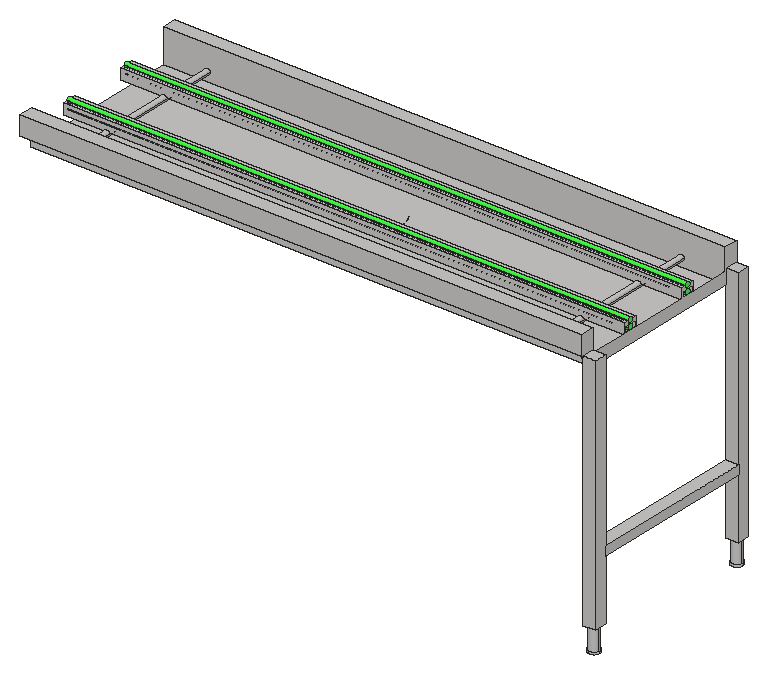
Revit family "QF_ELECTROLUXPROFESSIONAL_863156_HSBCC18", category Specialty Equipment, Revit 2018
Family settings
  Round Connector Dimension = Use Diameter
  Part Type = Normal
  Work Plane-Based = No
  Always vertical = Yes
  Cut with Voids When Loaded = No
  Shared = No
  Room Calculation Point = No
Parameters
  Weight = 0.00 kg
  Watts = 0 W
  Volts = 0 V
  URL Manufacturer = "http://professional.electrolux.com"
  URL = "http://professional.electrolux.com"
  Steam Supply Size = 0 mm
  Steam Supply Minimum Pressure = 0.0 Pa
  Steam Supply Maximum Pressure = 0.0 Pa
  Steam Pounds per Hour = 0
  Refrigeration Suction Line Size = 0 mm
  Refrigeration Liquid Line Size = 0 mm
  Refrigerant Compressor Remote = yes
  Manufacturer = "Electrolux"
  Phase = 0
  Model = "HSBCC18"
  Length Actual = 1800 mm  # constant formula
  Item Number = "863156"
  Hot Water Size = 0 mm
  Height Actual = 910 mm  # constant formula
  HP = "0 HP"
  Gas Size = 0 mm
  Gas KW = 0
  Gas Input Pressure = 0 W
  Description = "CORD CONVEYOR FOR BASKETS, L=1800 MM"
  Depth Actual = 620 mm  # constant formula
  Cycle = 0 Hz
  Condensate Return Size = 0 mm
  Compressed Air Volume = 0.0 L/s
  Compressed Air Size = 0 mm
  Compressed Air Pressure = 0.0 Pa
  Cold Water Size = 0 mm
  Accessory = yes
Reference planes
  plane 1 "Centro (Fronte/Retro)": y = 74.737
  plane 2: z = 0
  plane 3 "LEFT": x = -2238.761
  plane 4 "BACK": y = 384.737
  plane 5 "FRONT": y = -235.263
  plane 6: z = 910
  plane 7 "RIGHT": x = -438.761
  plane 8: x = -1338.761
Forms (mm)
  Extrusion 1, solid, material "QF_Finishes_Stainless Steel"
    sketch origin (11.239, 0, 0) x (0, 1, 0) y (0, 0, 1)
      loop
        line (-235.263, 910) -> (-235.263, 850.033) -> (-190.242, 850.033) -> (-190.242, 910) -> (-235.263, 910)
      loop
        line (384.737, 910) -> (339.716, 910) -> (339.716, 850.033) -> (384.737, 850.033) -> (384.737, 910)
    from -2250 to -451.2
  Extrusion 2, solid, material "QF_Finishes_Stainless Steel"
    sketch origin (11.239, 0, 0) x (0, 1, 0) y (0, 0, 1)
      loop
        line (-191.727, 850.033) -> (-191.727, 800.081) -> (341.245, 800.081) -> (341.245, 850.033) -> (339.716, 850.033) -> (339.716, 803.081) -> (-190.242, 803.081) -> (-190.242, 850.033) -> (-191.727, 850.033)
    from -2250 to -451.2
  Extrusion 3, solid, material "QF_Finishes_Stainless Steel"
    sketch origin (1061.239, 723.253, 4000) x (0, 1, 0) y (0, 0, 1)
      loop
        line (-958.516, -3090) -> (-958.516, -3149.967) -> (-934.752, -3185.632) -> (-915.4, -3185.632) -> (-915.4, -3199.919) -> (-381.633, -3199.919) -> (-381.633, -3185.632) -> (-362.281, -3185.632) -> (-338.516, -3149.967) -> (-338.516, -3090) -> (-383.538, -3090) -> (-383.538, -3161.926) -> (-913.495, -3161.926) -> (-913.495, -3090) -> (-958.516, -3090)
    from -1500 to -1501.2
  Extrusion 4, solid, material "QF_Finishes_Stainless Steel"
    sketch origin (-1477.522, 74.737, 0) x (-1, 0, 0) y (0, 0, -1)
      loop
        line (-1079.929, -300) -> (-1039.929, -300) -> (-1039.929, -270) -> (-1079.929, -270) -> (-1079.929, -300)
    from -266.504 to 266.46
  Revolve 5, solid, material "QF_Finishes_Stainless Steel"
    sketch origin (0, 74.737, 0) x (1, 0, 0) y (0, 0, 1)
      loop
        line (-1415.255, 800.081) -> (-1415.255, 786.333)
        arc (-1415.255, 786.333) -> (-1414.651, 784.73) -> (-1413.151, 783.903) r 2.474
        arc (-1413.151, 783.903) -> (-1409.843, 780.044) -> (-1413.138, 776.173) r 3.913
        arc (-1413.138, 776.173) -> (-1414.648, 775.341) -> (-1415.255, 773.728) r 2.49
        line (-1415.255, 773.728) -> (-1415.255, 733.404)
        arc (-1415.255, 733.404) -> (-1404.605, 702.706) -> (-1377.218, 685.219) r 49.516
        line (-1377.218, 685.219) -> (-1377.218, 682.73) -> (-1376.011, 681.079) -> (-1376.011, 679.492) -> (-1362.231, 673.492) -> (-1362.231, 638.761) -> (-1360.707, 637.3) -> (-1338.761, 637.3) -> (-1338.761, 800.081) -> (-1415.255, 800.081)
      axis (-1338.761, 800.081) -> (-1338.761, 637.3)
    angle from 0 to 360
  Extrusion 6, solid, material "QF_Finishes_Stainless Steel"
    sketch origin (0, 74.737, 0) x (1, 0, 0) y (0, 0, 1)
      loop
        circle (-2098.761, 831.05) r 8.5
    from -265 to 264.979
  Extrusion 7, solid, material "QF_Finishes_Stainless Steel"
    sketch origin (2140, 74.737, 0) x (1, 0, 0) y (0, 0, 1)
      loop
        circle (-2718.761, 831.05) r 8.5
    from -265 to 265
  Extrusion 8, solid, material "QF_Finishes_Stainless Steel"
    sketch origin (-438.761, 0, 0) x (0, 1, 0) y (0, 0, 1)
      loop
        line (-62.763, 869.045) -> (-62.763, 835.05) -> (-60.363, 835.05) -> (-60.363, 857.845) -> (-19.763, 857.845) -> (-19.763, 835.05) -> (-17.763, 835.05) -> (-17.763, 869.045) -> (-30.056, 869.045) -> (-35.275, 860.005) -> (-45.251, 860.005) -> (-50.47, 869.045) -> (-62.763, 869.045)
      loop
        line (212.237, 869.045) -> (199.944, 869.045) -> (194.725, 860.005) -> (184.749, 860.005) -> (179.53, 869.045) -> (167.237, 869.045) -> (167.237, 835.05) -> (169.237, 835.05) -> (169.237, 857.845) -> (209.837, 857.845) -> (209.837, 835.05) -> (212.237, 835.05) -> (212.237, 869.045)
    from 0 to -1800
  Extrusion 9, solid, material "QF_Finishes_Green"
    sketch origin (-438.761, 0, 0) x (0, 1, 0) y (0, 0, 1)
      loop
        circle (-40.263, 868.505) r 7.5
      loop
        circle (-40.263, 848.505) r 7.5
      loop
        circle (189.737, 868.505) r 7.5
      loop
        circle (189.737, 848.505) r 7.5
    from 0 to -1800
Cuts and joins
  joined: Extrusion 1, Extrusion 2, Extrusion 3, Extrusion 6, Extrusion 7, Extrusion 8
Lines and regions (mm)
  Split face 1
    outline origin (-873.782, -239.063, 803.081) x (0, 1, 0) y (-1, 0, 0)
      loop
        circle (313.8, 464.979) r 3
  Split face 2
    outline origin (-873.782, -239.063, 803.081) x (0, 1, 0) y (-1, 0, 0)
      loop
        circle (313.8, 464.979) r 9
  Split face 3
    outline origin (-873.782, -239.063, 803.081) x (0, 1, 0) y (-1, 0, 0)
      loop
        circle (313.8, 464.979) r 26
  Split face 4
    outline origin (-873.782, -239.063, 803.081) x (0, 1, 0) y (-1, 0, 0)
      loop
        circle (313.8, 464.979) r 36
  Split face 5
    outline origin (-873.782, -239.063, 803.081) x (0, 1, 0) y (-1, 0, 0)
      loop
        circle (313.8, 464.979) r 53
  symbolic lines
    curve 1: line (-438.761, 384.737, 0) -> (-2238.761, 384.737, 0)
    curve 2: line (-2238.761, 384.737, 0) -> (-2238.761, -235.263, 0)
    curve 3: line (-2238.761, 339.716, 0) -> (-438.761, 339.716, 0)
    curve 4: line (-2238.761, -235.263, 0) -> (-438.761, -235.263, 0)
    curve 5: line (-438.761, -235.263, 0) -> (-438.761, 384.737, 0)
    curve 6: line (-438.761, -190.242, 0) -> (-2238.761, -190.242, 0)
    curve 7: line (-2238.761, 74.737, 0) -> (-2208.761, 74.737, 0)
    curve 8: line (-438.761, 74.737, 0) -> (-468.761, 74.737, 0)
    curve 9: circle (-1338.761, 74.737, 0) r 23.47 normal (0, 0, 1)
    curve 10: line (-438.761, 212.237, 0) -> (-2238.761, 212.237, 0)
    curve 11: line (-2238.761, 167.237, 0) -> (-438.761, 167.237, 0)
    curve 12: line (-438.761, -17.763, 0) -> (-2238.761, -17.763, 0)
    curve 13: line (-2238.761, -62.763, 0) -> (-438.761, -62.763, 0)
    curve 14: line (-2238.761, -47.763, 0) -> (-438.761, -47.763, 0)
    curve 15: line (-2238.761, -32.763, 0) -> (-438.761, -32.763, 0)
    curve 16: line (-2238.761, 197.237, 0) -> (-438.761, 197.237, 0)
    curve 17: line (-2238.761, 182.237, 0) -> (-438.761, 182.237, 0)
    curve 18: line (-2107.261, 339.716, 0) -> (-2107.261, 212.237, 0)
    curve 19: line (-2090.261, 339.716, 0) -> (-2090.261, 212.237, 0)
    curve 20: line (-2090.261, 167.237, 0) -> (-2090.261, -17.763, 0)
    curve 21: line (-2107.261, 167.237, 0) -> (-2107.261, -17.763, 0)
    curve 22: line (-2107.261, -62.763, 0) -> (-2107.261, -190.242, 0)
    curve 23: line (-2090.261, -62.763, 0) -> (-2090.261, -190.242, 0)
    curve 24: line (-587.261, 339.716, 0) -> (-587.261, 212.237, 0)
    curve 25: line (-570.261, 339.716, 0) -> (-570.261, 212.237, 0)
    curve 26: line (-570.261, 167.237, 0) -> (-570.261, -17.763, 0)
    curve 27: line (-587.261, 167.237, 0) -> (-587.261, -17.763, 0)
    curve 28: line (-587.261, -62.763, 0) -> (-587.261, -190.242, 0)
    curve 29: line (-570.261, -62.763, 0) -> (-570.261, -190.242, 0)
Dimensions and locks
  plane 3 "LEFT" to plane 7 "RIGHT" = 1800 mm
  equal spacing: plane 4 "BACK", plane 1 "Centro (Fronte/Retro)", plane 5 "FRONT"
  plane 4 "BACK" to plane 5 "FRONT" = 620 mm
  equal spacing: plane 3 "LEFT", plane 8, plane 7 "RIGHT"
  locked: Extrusion 6 sketch curve to plane 3 "LEFT" at 140
  locked: plane 7 "RIGHT" to Extrusion 7 sketch curve at 140
  aligned and locked: level to plane 2
  aligned and locked: curve 9 to Revolve 5
  aligned and locked: plane 8 to Split face 5  (x2)
  aligned and locked: plane 8 to Split face 4  (x2)
  aligned and locked: plane 8 to cut or joined group of Extrusion 1, Extrusion 2, Extrusion 3, Extrusion 6, Extrusion 7, Extrusion 8  (x4)
  aligned and locked: plane 8 to Split face 3  (x2)
  aligned and locked: plane 8 to Split face 2  (x2)
  aligned and locked: plane 8 to Split face 1  (x2)
  aligned and locked: Extrusion 2 to plane 3 "LEFT"
  aligned and locked: Extrusion 1 to plane 3 "LEFT"
  aligned and locked: Extrusion 8 to plane 3 "LEFT"
  aligned and locked: cut or joined group of Extrusion 1, Extrusion 2, Extrusion 3, Extrusion 6, Extrusion 7, Extrusion 8 to plane 3 "LEFT"  (x2)
  aligned and locked: plane 3 "LEFT" to curve 6
  aligned and locked: plane 3 "LEFT" to curve 4
  aligned and locked: Extrusion 9 to plane 3 "LEFT"
Automatic sketch dimensions
  Extrusion 1 sketch curve to plane 5 "FRONT" = 0 mm
  Extrusion 1 sketch curve to plane 6 = 0 mm  (x2)
  Extrusion 1 sketch curve to plane 4 "BACK" = 0 mm
  plane 5 "FRONT" to Extrusion 1 sketch curve = 45.021 mm
  Extrusion 1 sketch curve to plane 4 "BACK" = 45.021 mm
  Extrusion 1 sketch curve to Extrusion 1 sketch curve = 59.967 mm  (x2)
  plane 5 "FRONT" to Extrusion 2 sketch curve = 43.536 mm
  Extrusion 2 sketch curve to Extrusion 2 sketch curve = 1.486 mm
  Extrusion 2 sketch curve to plane 4 "BACK" = 45.021 mm
  Extrusion 2 sketch curve to Extrusion 2 sketch curve = 1.529 mm
  Extrusion 2 sketch curve to plane 6 = 109.919 mm
  Extrusion 2 sketch curve to Extrusion 2 sketch curve = 3 mm
  Extrusion 2 sketch curve to Extrusion 2 sketch curve = 46.952 mm  (x2)
  Extrusion 3 sketch curve to plane 5 "FRONT" = 0 mm
  Extrusion 3 sketch curve to plane 6 = 0 mm  (x2)
  Extrusion 3 sketch curve to plane 4 "BACK" = 0 mm
  plane 5 "FRONT" to Extrusion 3 sketch curve = 23.764 mm
  Extrusion 3 sketch curve to Extrusion 3 sketch curve = 19.352 mm  (x2)
  plane 5 "FRONT" to Extrusion 3 sketch curve = 45.021 mm
  Extrusion 3 sketch curve to plane 4 "BACK" = 45.021 mm
  Extrusion 3 sketch curve to Extrusion 3 sketch curve = 1.905 mm
  Extrusion 3 sketch curve to Extrusion 3 sketch curve = 59.967 mm  (x2)
  Extrusion 3 sketch curve to Extrusion 3 sketch curve = 11.959 mm
  Extrusion 3 sketch curve to Extrusion 3 sketch curve = 23.706 mm  (x2)
  Extrusion 3 sketch curve to Extrusion 3 sketch curve = 14.287 mm
  Extrusion 4 sketch curve to plane 7 "RIGHT" = 41.168 mm
  Extrusion 4 sketch curve to plane 7 "RIGHT" = 1.168 mm
  Extrusion 4 sketch curve to level = 270 mm
  Extrusion 4 sketch curve to Extrusion 4 sketch curve = 30 mm
  Extrusion 6 sketch curve to plane 6 = 78.95 mm
  Extrusion 7 sketch curve to plane 6 = 78.95 mm
  plane 1 "Centro (Fronte/Retro)" to Extrusion 8 sketch curve = 137.5 mm
  Extrusion 8 sketch curve to Extrusion 8 sketch curve = 2.4 mm  (x2)
  Extrusion 8 sketch curve to plane 6 = 40.955 mm  (x3)
  Extrusion 8 sketch curve to Extrusion 8 sketch curve = 12.293 mm  (x2)
  Extrusion 8 sketch curve to Extrusion 8 sketch curve = 5.219 mm  (x4)
  Extrusion 8 sketch curve to Extrusion 8 sketch curve = 9.976 mm  (x2)
  Extrusion 8 sketch curve to Extrusion 8 sketch curve = 10.293 mm
  Extrusion 8 sketch curve to Extrusion 8 sketch curve = 2 mm  (x2)
  Extrusion 8 sketch curve to plane 1 "Centro (Fronte/Retro)" = 92.5 mm
  Extrusion 8 sketch curve to plane 6 = 49.995 mm
  Extrusion 8 sketch curve to Extrusion 8 sketch curve = 9.893 mm
  Extrusion 8 sketch curve to Extrusion 8 sketch curve = 11.2 mm
  Extrusion 8 sketch curve to Extrusion 8 sketch curve = 2.16 mm
  Extrusion 8 sketch curve to Extrusion 8 sketch curve = 22.795 mm  (x4)
  Extrusion 8 sketch curve to Extrusion 8 sketch curve = 9.04 mm  (x2)
  plane 1 "Centro (Fronte/Retro)" to Extrusion 9 sketch curve = 115 mm
  Extrusion 9 sketch curve to Extrusion 9 sketch curve = 0 mm  (x2)
  Extrusion 9 sketch curve to plane 1 "Centro (Fronte/Retro)" = 115 mm
  Extrusion 9 sketch curve to plane 6 = 61.495 mm  (x2)
  Extrusion 9 sketch curve to Extrusion 9 sketch curve = 20 mm  (x2)
  plane 1 "Centro (Fronte/Retro)" to curve 7 = 0 mm
  plane 1 "Centro (Fronte/Retro)" to curve 8 = 0 mm
  curve 15 to plane 7 "RIGHT" = 0 mm
  curve 4 to plane 5 "FRONT" = 0 mm
  curve 2 to plane 4 "BACK" = 0 mm
  plane 3 "LEFT" to curve 7 = 30 mm
  curve 18 to plane 4 "BACK" = 45.021 mm
  plane 3 "LEFT" to curve 18 = 131.5 mm
  plane 5 "FRONT" to curve 22 = 45.021 mm
  plane 3 "LEFT" to curve 22 = 131.5 mm
  curve 21 to curve 18 = 0 mm
  curve 18 to curve 19 = 17 mm
  curve 21 to curve 20 = 17 mm
  curve 22 to curve 23 = 17 mm
  curve 28 to plane 7 "RIGHT" = 148.5 mm
  curve 24 to plane 7 "RIGHT" = 148.5 mm
  curve 27 to curve 28 = 0 mm
  curve 27 to curve 26 = 17 mm
  curve 24 to curve 25 = 17 mm
  curve 28 to curve 29 = 17 mm
  curve 8 to plane 7 "RIGHT" = 30 mm
  curve 13 to curve 14 = 15 mm
  curve 14 to curve 15 = 15 mm
  curve 15 to curve 12 = 15 mm
  curve 11 to curve 17 = 15 mm
  curve 16 to curve 10 = 15 mm
  Revolve 5 sketch curve to plane 8 = 0 mm  (x2)
  Revolve 5 sketch curve to Revolve 5 sketch curve = 21.946 mm
  Revolve 5 sketch curve to Revolve 5 sketch curve = 1.524 mm
  Revolve 5 sketch curve to plane 8 = 26.978 mm
  Revolve 5 sketch curve to Revolve 5 sketch curve = 13.78 mm
  Revolve 5 sketch curve to Revolve 5 sketch curve = 1.206 mm
  Revolve 5 sketch curve to Revolve 5 sketch curve = 47.026 mm
  Revolve 5 sketch curve to Revolve 5 sketch curve = 0.016 mm  (x3)
  Revolve 5 sketch curve to Revolve 5 sketch curve = 0.976 mm
  Revolve 5 sketch curve to Revolve 5 sketch curve = 2.474 mm
  Revolve 5 sketch curve to Revolve 5 sketch curve = 2.49 mm
  Revolve 5 sketch curve to Revolve 5 sketch curve = 0 mm
  Revolve 5 sketch curve to plane 6 = 272.7 mm
  Revolve 5 sketch curve to Revolve 5 sketch curve = 1.461 mm
  Revolve 5 sketch curve to Revolve 5 sketch curve = 34.731 mm
  Revolve 5 sketch curve to Revolve 5 sketch curve = 6 mm
  Revolve 5 sketch curve to Revolve 5 sketch curve = 1.588 mm
  Revolve 5 sketch curve to Revolve 5 sketch curve = 1.651 mm
  Revolve 5 sketch curve to Revolve 5 sketch curve = 2.488 mm
  Revolve 5 sketch curve to Revolve 5 sketch curve = 48.167 mm
  Revolve 5 sketch curve to Revolve 5 sketch curve = 40.307 mm
  Revolve 5 sketch curve to Revolve 5 sketch curve = 6.326 mm
  Revolve 5 sketch curve to Revolve 5 sketch curve = 6.296 mm
  Revolve 5 sketch curve to Revolve 5 sketch curve = 13.748 mm
  Revolve 5 sketch curve to Revolve 5 sketch curve = 0.373 mm
  Revolve 5 sketch curve to Revolve 5 sketch curve = 38.557 mm
  plane 6 to Revolve 5 sketch curve = 8.743 mm
  cut or joined group of Extrusion 1, Extrusion 2, Extrusion 3, Extrusion 6, Extrusion 7, Extrusion 8 to Split face 1 sketch curve = 264.979 mm
  cut or joined group of Extrusion 1, Extrusion 2, Extrusion 3, Extrusion 6, Extrusion 7, Extrusion 8 to Split face 1 sketch curve = 898.8 mm
  cut or joined group of Extrusion 1, Extrusion 2, Extrusion 3, Extrusion 6, Extrusion 7, Extrusion 8 to Split face 2 sketch curve = 264.979 mm
  cut or joined group of Extrusion 1, Extrusion 2, Extrusion 3, Extrusion 6, Extrusion 7, Extrusion 8 to Split face 2 sketch curve = 898.8 mm
  cut or joined group of Extrusion 1, Extrusion 2, Extrusion 3, Extrusion 6, Extrusion 7, Extrusion 8 to Split face 3 sketch curve = 264.979 mm
  cut or joined group of Extrusion 1, Extrusion 2, Extrusion 3, Extrusion 6, Extrusion 7, Extrusion 8 to Split face 3 sketch curve = 898.8 mm
  cut or joined group of Extrusion 1, Extrusion 2, Extrusion 3, Extrusion 6, Extrusion 7, Extrusion 8 to Split face 4 sketch curve = 264.979 mm
  cut or joined group of Extrusion 1, Extrusion 2, Extrusion 3, Extrusion 6, Extrusion 7, Extrusion 8 to Split face 4 sketch curve = 898.8 mm
  cut or joined group of Extrusion 1, Extrusion 2, Extrusion 3, Extrusion 6, Extrusion 7, Extrusion 8 to Split face 5 sketch curve = 264.979 mm
  cut or joined group of Extrusion 1, Extrusion 2, Extrusion 3, Extrusion 6, Extrusion 7, Extrusion 8 to Split face 5 sketch curve = 898.8 mm
  curve 6 to curve 13 = 127.479 mm
  curve 20 to curve 19 = 45 mm
  curve 26 to plane 1 "Centro (Fronte/Retro)" = 92.5 mm
  radius of Extrusion 6 sketch curve = 8.5 mm
  radius of Extrusion 7 sketch curve = 8.5 mm
  radius of Extrusion 9 sketch curve = 7.5 mm  (x4)
  radius of Split face 1 sketch curve = 3 mm
  radius of Split face 2 sketch curve = 9 mm
  radius of Split face 3 sketch curve = 26 mm
  radius of Split face 4 sketch curve = 36 mm
  radius of Split face 5 sketch curve = 53 mm
Nested families
  nested 1: "Foot_40x40" at (-417.593, 361.245, 0) x (-1, 0, 0) z (0, 0, 1), type "Foot_40x40"
    with A 850.033 mm
  nested 2: "Foot_40x40" at (-417.593, -211.771, 0) x (-1, 0, 0) z (0, 0, 1), type "Foot_40x40"
    with A 850.033 mm
Connectors
  piping at (-1338.761, 74.737, 637.3), diameter 40
    settings: on Revolve 5, index 1, connector inside diameter 609.6 mm, connector length 0 mm, flow factor 0, pipe flow 0.0 L/s, pressure drop 0.0 Pa, fitting loss kfactor 0, connector angle 0.00°, fixture units 0, engagement length 0 mm, angle of deflection 0.00°, flow configuration 1, flow direction 2, fitting loss method 0, system type 16, joint type 0, gender type 0, connector reference index -1, connector utility 0, adjustable connector no, is connector primary yes, connector description "Drain"
Definition of nested family "Foot_40x40"
  Parameters
    A [instance] = 850 mm
  Reference planes
    plane 1 "Centro (Fronte/Retro)": y = 0
    plane 2: z = 0
    plane 3 "Centro (Sinistra/Destra)": x = 0
    plane 4: z = 850
  Forms (mm)
    Extrusion 1, solid
      sketch origin (0, 0, 0) x (1, 0, 0) y (0, 1, 0)
        loop
          circle (0, 0) r 18
      from 0 to 5
    Extrusion 2, solid
      sketch origin (0, 0, 5) x (1, 0, 0) y (0, 1, 0)
        loop
          circle (0, 0) r 15
      from 0 to 70
    Extrusion 3, solid
      sketch origin (0, 0, 75) x (1, 0, 0) y (0, 1, 0)
        loop
          line (-20, 20) -> (-20, -20) -> (20, -20) -> (20, 20) -> (-20, 20)
      from 0 to 775
  Dimensions and locks
    "A": plane 4 to plane 2
    aligned and locked: level to plane 2
    aligned and locked: plane 4 to Extrusion 3
    aligned and locked: Extrusion 1 to level
  Automatic sketch dimensions
    plane 1 "Centro (Fronte/Retro)" to Extrusion 1 sketch curve = 0 mm
    Extrusion 1 sketch curve to plane 3 "Centro (Sinistra/Destra)" = 0 mm
    Extrusion 3 sketch curve to Extrusion 3 sketch curve = 40 mm  (x2)
    radius of Extrusion 1 sketch curve = 18 mm
    radius of Extrusion 2 sketch curve to Extrusion 1 = 3 mm
